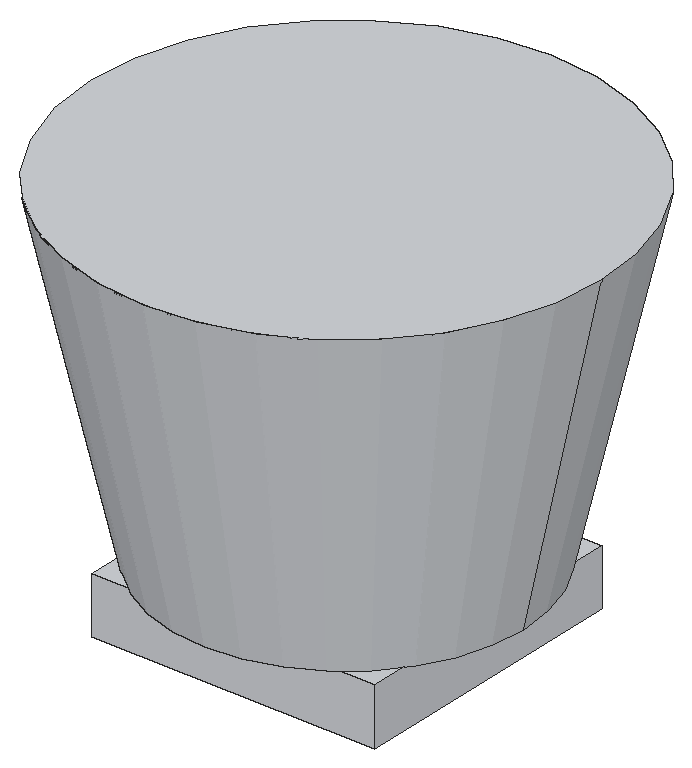
Revit family "9c53042450544741bf60d47afff2561f", category Air Terminals, host Face, Revit 2021
Family settings
  Host = Face
  Round Connector Dimension = Use Diameter
  Part Type = Normal
  OmniClass Number = 23.75.70.21.27.11
  OmniClass Title = Diffusers, Registers, and Grilles
  Seek Item ID = Supply Diffuser - Circular - Rectangular Neck - Ceiling Mounted-0000-USA-ENU
  Cut with Voids When Loaded = No
  Shared = No
  Room Calculation Point = No
Parameters (values of type "9" Face 5"x5"  Neck")
  Pressure Drop [instance] = 0.0321 in-wg
  Louver Number = 5
  Duct Width = 5"
  Height 2 = 0' - 1"
  Height 1 = 0' - 6"
  Flow [instance] = 212 CFM
  Duct Height = Duct Width  # 5"
  Diffuser Radius Offset 4 = 4 * (Diffuser Radius 1 / 5)  # 0' - 3.6"
  Diffuser Radius Offset 3 = 3 * (Diffuser Radius 1 / 5)  # 0' - 2.7"
  Diffuser Radius Offset 2 = 2 * (Diffuser Radius 1 / 5)  # 0' - 1.8"
  Diffuser Radius 2 = Diffuser Diameter 2 / 2  # 0' - 3 1/8"
  Diffuser Radius 1 = Diffuser Diameter 1 / 2  # 0' - 4 1/2"
  Diffuser Radius Offset 1 = Diffuser Radius 1 / 5  # 0' - 0.9"
  Diffuser Material = none
  Diffuser Height = 0' - 7"
  Diffuser Diameter 2 = 0' - 6 1/4"
  Diffuser Diameter 1 = 0' - 9"
  Default Elevation = 4' - 0"
Types (3): name | Pressure Drop | Duct Width | Flow | Duct Height | Diffuser Radius 2 | Diffuser Diameter 2
  (no name) | 0.0321 in-wg | 5" | 212 CFM | 5" | 0' - 3 1/8" | 0' - 6 1/4"
  9" Face 5"x5"  Neck | 0.0321 in-wg | 5" | 212 CFM | 5" | 0' - 3 1/8" | 0' - 6 1/4"
  9" Face 6"x6" Neck | 0.0522 in-wg | 6" | 265 CFM | 6" | 0' - 3 11/16" | 0' - 7 3/8"
Reference planes (in)
  plane 1 "Center (Front/Back)": y = 0
  plane 2: z = 0
  plane 3 "Center (Left/Right)": x = 0
  plane 4: z = -6
  plane 5: z = -7
  plane 6: x = -2.5
  plane 7: x = 2.5
  plane 8: y = 2.5
  plane 9: y = -2.5
Forms (in)
  Blend 1, solid, material <- "Diffuser Material"
    base sketch origin (0, 0, 0) x (1, 0, 0) y (0, 1, 0)
      loop
        circle (0, 0) r 3.125
    top sketch origin (0, 0, 0) x (1, 0, 0) y (0, 1, 0)
      loop
        circle (0, 0) r 4.5
    from -6 to 0
  Extrusion 2, solid, material <- "Diffuser Material"
    sketch origin (0, 0, 0) x (1, 0, 0) y (0, 1, 0)
      loop
        line (-2.5, 2.5) -> (-2.5, -2.5) -> (2.5, -2.5) -> (2.5, 2.5) -> (-2.5, 2.5)
    from -6 to -7
Lines and regions (in)
  model lines
    curve 1: circle (0, 0, 0) r 0.9 normal (0, 0, 1)
    curve 2: circle (0, 0, 0) r 1.8 normal (0, 0, 1)
    curve 3: circle (0, 0, 0) r 2.7 normal (0, 0, 1)
    curve 4: circle (0, 0, 0) r 3.6 normal (0, 0, 1)
  symbolic lines
    curve 5: arc (4.5, 0, 0) -> (0, 4.5, 0) -> (-4.5, 0, 0) r 4.5
    curve 6: arc (-4.5, 0, 0) -> (0, -4.5, 0) -> (4.5, 0, 0) r 4.5
Dimensions and locks (in)
  "Height 1": plane 2 to plane 4
  "Height 2": plane 4 to plane 5
  equal spacing: plane 6, plane 3 "Center (Left/Right)", plane 7
  "Duct Width": plane 6 to plane 7
  equal spacing: plane 8, plane 1 "Center (Front/Back)", plane 9
  "Duct Width": plane 8 to plane 9
  "Diffuser Radius 2": radius of Blend 1 sketch curve
  "Diffuser Radius 1": radius of Blend 1 sketch curve
  "Diffuser Radius Offset 1": radius of curve 1
  "Diffuser Radius Offset 2": radius of curve 2
  "Diffuser Radius Offset 3": radius of curve 3
  "Diffuser Radius Offset 4": radius of curve 4
  aligned and locked: plane 2 to host face
  aligned and locked: level to host face
  aligned and locked: plane 3 "Center (Left/Right)" to Blend 1 sketch curve  (x2)
  aligned and locked: plane 1 "Center (Front/Back)" to Blend 1 sketch curve  (x2)
  aligned and locked: Blend 1 to plane 4
  aligned and locked: plane 2 to Blend 1
  aligned and locked: plane 8 to Extrusion 2
  aligned and locked: plane 7 to Extrusion 2
  aligned and locked: plane 9 to Extrusion 2
  aligned and locked: Extrusion 2 to plane 6
  aligned and locked: Extrusion 2 to plane 5
  aligned and locked: plane 4 to Extrusion 2
Automatic sketch dimensions
  Extrusion 2 sketch curve to plane 6 = 0' - 0"
  Extrusion 2 sketch curve to plane 7 = 0' - 0"
  Extrusion 2 sketch curve to plane 9 = 0' - 0"
  Extrusion 2 sketch curve to plane 8 = 0' - 0"
  curve 1 to curve 2 = 0' - 0"  (x3)
  curve 1 to curve 4 = 0' - 0"  (x4)
  curve 2 to curve 3 = 0' - 0"  (x4)
  curve 2 to curve 4 = 0' - 0"  (x3)
  curve 1 to curve 5 = 0' - 0"  (x4)
  host sketch curve to host sketch curve = 8' - 0"  (x2)
  curve 1 to curve 3 = 0' - 0"  (x2)
  curve 1 to curve 6 = 0' - 0"  (x2)
  curve 2 to curve 5 = 0' - 0"  (x2)
  curve 2 to curve 6 = 0' - 0"  (x2)
  curve 3 to curve 4 = 0' - 0"  (x2)
  curve 3 to curve 5 = 0' - 0"  (x2)
  curve 3 to curve 6 = 0' - 0"  (x2)
  curve 4 to curve 5 = 0' - 0"  (x2)
  curve 4 to curve 6 = 0' - 0"  (x2)
  curve 5 to curve 6 = 0' - 0"  (x2)
  plane 1 "Center (Front/Back)" to curve 5 = 0' - 0"
  curve 4 to plane 3 "Center (Left/Right)" = 0' - 0"
  curve 6 to plane 6 = 0' - 2"
Connectors (in)
  hvac at (0, 0, -7), driven by "Pressure Drop", driven by "Flow", driven by "Duct Height", driven by "Duct Width"
    settings: on Extrusion 2, index 1, duct flow 212 CFM, flow factor 0, pres drop 0.0321 in-wg, loss coef 0, conn angle 0.00°, conn width 5", conn height 5", conn diameter 24", duct sys type 1, conn prof type 1, flow config 1, flow direction 1, loss method 4, conn ref index -1, conn util no, is conn primary yes, conn desc ""
